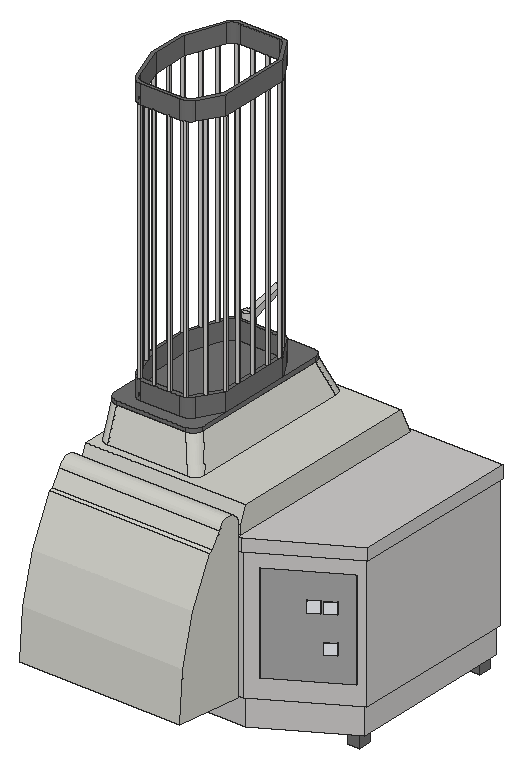
Revit family "QF_ELECTROLUXPROFESSIONAL_603265_CPXF215", category Specialty Equipment, Revit 2018
Family settings
  Round Connector Dimension = Use Diameter
  Part Type = Normal
  Work Plane-Based = No
  Always vertical = Yes
  Cut with Voids When Loaded = No
  Shared = No
  Room Calculation Point = No
Parameters (values of type "QF_ELECTROLUX_603265_CPXF215")
  Weight = 31.00 kg
  Watts = 0 W
  Volts = 220 V
  URL Manufacturer = "http://professional.electrolux.com"
  URL = "http://professional.electrolux.com"
  Steam Supply Size = 0 mm
  Steam Supply Minimum Pressure = 0.0 Pa
  Steam Supply Maximum Pressure = 0.0 Pa
  Steam Pounds per Hour = 0
  Refrigeration Suction Line Size = 0 mm
  Refrigeration Liquid Line Size = 0 mm
  Refrigerant Compressor Remote = yes
  Manufacturer = "Electrolux"
  Phase = 1
  Model = "CPXF215"
  Length Actual = 472 mm  # constant formula
  Item Number = "603265"
  Hot Water Size = 0 mm
  Height Actual = 857 mm  # constant formula
  HP = "0.5 HP"
  Gas Size = 0 mm
  Gas KW = 0
  Gas Input Pressure = 0 W
  Direct Waste Size = 0 mm
  Description = "S/S EL.BREAD SLICER-FLAT PANEL-230/1/50"
  Depth Actual = 418 mm  # constant formula
  Cycle = 50 Hz
  Condensate Return Size = 0 mm
  Compressed Air Volume = 0.0 L/s
  Compressed Air Size = 0 mm
  Compressed Air Pressure = 0.0 Pa
  Cold Water Size = 0 mm
  Accessory = yes
Reference planes
  plane 1 "Center (Front/Back)": y = 0
  plane 2: z = 0
  plane 3 "Center (Left/Right)": x = 0
  plane 4 "BASE": z = 20
  plane 5 "TOP": z = 857
  plane 6 "FRONT": y = -236
  plane 7 "BACK": y = 236
  plane 8 "LEFT": x = -209
  plane 9 "RIGHT": x = 209
  plane 10 "AXE1": y = 163.266
  plane 11 "PANEL": through (67.669, -112.828, 4000) normal (-0.5, 0.866, 0)
Forms (mm)
  Extrusion 1, solid, material "QF_Finishes_Rubber Black"
    sketch origin (0, 0, 0) x (1, 0, 0) y (0, 1, 0)
      loop
        line (-197.5, 231) -> (-197.5, 211) -> (-177.5, 211) -> (-177.5, 231) -> (-197.5, 231)
      loop
        line (172.5, 231) -> (172.5, 211) -> (192.5, 211) -> (192.5, 231) -> (172.5, 231)
      loop
        line (-197.5, -13.192) -> (-197.5, -33.192) -> (-177.5, -33.192) -> (-177.5, -13.192) -> (-197.5, -13.192)
      loop
        line (172.5, -13.192) -> (172.5, -33.192) -> (192.5, -33.192) -> (192.5, -13.192) -> (172.5, -13.192)
    from 0 to 20
  Extrusion 2, solid, material "QF_Finishes_Stainless Steel"
    sketch origin (0, 0, 20) x (-1, 0, 0) y (0, -1, 0)
      loop
        line (-209, 37.005) -> (-209, -236) -> (209, -236) -> (209, 117.828) -> (-69.009, 117.828) -> (-209, 37.005)
    from 260 to 280
  Extrusion 3, solid, material "QF_Finishes_Stainless Steel"
    sketch origin (0, 0, 20) x (-1, 0, 0) y (0, -1, 0)
      loop
        line (-204, 34.118) -> (-204, -236) -> (204, -236) -> (204, 112.828) -> (-67.669, 112.828) -> (-204, 34.118)
    from 260 to 45
  Extrusion 4, solid, material "QF_Finishes_Stainless Steel"
    sketch origin (0, 0, 20) x (-1, 0, 0) y (0, -1, 0)
      loop
        line (-199, 31.231) -> (-199, -236) -> (199, -236) -> (199, 107.828) -> (-66.33, 107.828) -> (-199, 31.231)
    from 0 to 45
  Extrusion 5, solid, material "QF_Finishes_Beige"
    sketch origin (0, 0, 0) x (0, 1, 0) y (0, 0, 1)
      loop
        arc (-175.362, 300) -> (-222.074, 193.469) -> (-236.13, 78) r 399.649
        line (-236.13, 78) -> (-118.828, 64.929) -> (-118.828, 300) -> (-118.828, 325)
        arc (-118.828, 325) -> (-137.247, 337.622) -> (-155.667, 325) r 19.75
        line (-155.667, 325) -> (-169.613, 302.68) -> (-175.362, 300)
      loop
        line (231, 300) -> (213.628, 339.019) -> (-102.638, 339.019) -> (-111.997, 313.943) -> (-111.997, 300) -> (231, 300)
    from -197.5 to 62.332
  Blend 6, solid, material "QF_Finishes_Beige"
    base sketch origin (0, 0, 20) x (-1, 0, 0) y (0, -1, 0)
      loop
        arc (172.911, -207.788) -> (183.517, -203.394) -> (187.911, -192.788) r 15
        line (187.911, -192.788) -> (187.911, 74.23)
        arc (187.911, 74.23) -> (183.517, 84.836) -> (172.911, 89.23) r 15
        line (172.911, 89.23) -> (42.129, 89.23)
        arc (42.129, 89.23) -> (31.523, 84.836) -> (27.129, 74.23) r 15
        line (27.129, 74.23) -> (27.129, -192.788)
        arc (27.129, -192.788) -> (31.523, -203.394) -> (42.129, -207.788) r 15
        line (42.129, -207.788) -> (172.911, -207.788)
    top sketch origin (0, 0, 20) x (-1, 0, 0) y (0, -1, 0)
      loop
        line (60.638, -189.279) -> (172.911, -189.279)
        arc (172.911, -189.279) -> (183.517, -184.886) -> (187.911, -174.279) r 15
        line (187.911, -174.279) -> (187.911, 55.721)
        arc (187.911, 55.721) -> (183.517, 66.328) -> (172.911, 70.721) r 15
        line (172.911, 70.721) -> (60.638, 70.721)
        arc (60.638, 70.721) -> (50.031, 66.328) -> (45.638, 55.721) r 15
        line (45.638, 55.721) -> (45.638, -174.279)
        arc (45.638, -174.279) -> (50.031, -184.886) -> (60.638, -189.279) r 15
    from 319.019 to 368.956
  Extrusion 7, solid, material "QF_Finishes_Rubber Black"
    sketch origin (0, 0, 20) x (-1, 0, 0) y (0, -1, 0)
      loop
        arc (45.638, -174.279) -> (50.031, -184.886) -> (60.638, -189.279) r 15
        line (60.638, -189.279) -> (172.911, -189.279)
        arc (172.911, -189.279) -> (183.517, -184.886) -> (187.911, -174.279) r 15
        line (187.911, -174.279) -> (187.911, 55.721)
        arc (187.911, 55.721) -> (183.517, 66.328) -> (172.911, 70.721) r 15
        line (172.911, 70.721) -> (60.638, 70.721)
        arc (60.638, 70.721) -> (50.031, 66.328) -> (45.638, 55.721) r 15
        line (45.638, 55.721) -> (45.638, -174.279)
    from 368.956 to 375
  Extrusion 8, solid, material "QF_Finishes_Rubber Black"
    sketch origin (0, 0, 20) x (-1, 0, 0) y (0, -1, 0)
      loop
        line (187.911, -20) -> (166.282, 39.425)
        arc (166.282, 39.425) -> (158.959, 48.968) -> (147.488, 52.584) r 20
        line (147.488, 52.584) -> (83.992, 52.584)
        arc (83.992, 52.584) -> (74.144, 49.992) -> (66.849, 42.885) r 20
        line (66.849, 42.885) -> (45.638, 7.584) -> (45.638, -107.584) -> (66.849, -142.885)
        arc (66.849, -142.885) -> (74.144, -149.992) -> (83.992, -152.584) r 20
        line (83.992, -152.584) -> (147.488, -152.584)
        arc (147.488, -152.584) -> (158.959, -148.968) -> (166.282, -139.425) r 20
        line (166.282, -139.425) -> (187.911, -80) -> (187.911, -20)
      loop
        line (182.911, -79.118) -> (182.911, -20.882) -> (161.583, 37.715)
        arc (161.583, 37.715) -> (156.092, 44.872) -> (147.488, 47.584) r 15
        line (147.488, 47.584) -> (83.992, 47.584)
        arc (83.992, 47.584) -> (76.606, 45.64) -> (71.135, 40.31) r 15
        line (71.135, 40.31) -> (50.638, 6.198) -> (50.638, -106.198) -> (71.135, -140.31)
        arc (71.135, -140.31) -> (76.606, -145.64) -> (83.992, -147.584) r 15
        line (83.992, -147.584) -> (147.488, -147.584)
        arc (147.488, -147.584) -> (156.092, -144.872) -> (161.583, -137.715) r 15
        line (161.583, -137.715) -> (182.911, -79.118)
    from 375 to 405
  Extrusion 9, solid, material "QF_Finishes_Rubber Black"
    sketch origin (0, 0, 20) x (-1, 0, 0) y (0, -1, 0)
      loop
        line (187.911, -20) -> (166.282, 39.425)
        arc (166.282, 39.425) -> (158.959, 48.968) -> (147.488, 52.584) r 20
        line (147.488, 52.584) -> (83.992, 52.584)
        arc (83.992, 52.584) -> (74.144, 49.992) -> (66.849, 42.885) r 20
        line (66.849, 42.885) -> (45.638, 7.584) -> (45.638, -107.584) -> (66.849, -142.885)
        arc (66.849, -142.885) -> (74.144, -149.992) -> (83.992, -152.584) r 20
        line (83.992, -152.584) -> (147.488, -152.584)
        arc (147.488, -152.584) -> (158.959, -148.968) -> (166.282, -139.425) r 20
        line (166.282, -139.425) -> (187.911, -80) -> (187.911, -20)
      loop
        line (182.911, -79.118) -> (182.911, -20.882) -> (161.583, 37.715)
        arc (161.583, 37.715) -> (156.092, 44.872) -> (147.488, 47.584) r 15
        line (147.488, 47.584) -> (83.992, 47.584)
        arc (83.992, 47.584) -> (76.606, 45.64) -> (71.135, 40.31) r 15
        line (71.135, 40.31) -> (50.638, 6.198) -> (50.638, -106.198) -> (71.135, -140.31)
        arc (71.135, -140.31) -> (76.606, -145.64) -> (83.992, -147.584) r 15
        line (83.992, -147.584) -> (147.488, -147.584)
        arc (147.488, -147.584) -> (156.092, -144.872) -> (161.583, -137.715) r 15
        line (161.583, -137.715) -> (182.911, -79.118)
    from 807 to 837
  Extrusion 10, solid, material "QF_Finishes_Stainless Steel"
    sketch origin (0, 0, 20) x (-1, 0, 0) y (0, -1, 0)
      loop
        circle (128.24, 50.084) r 2.5
      loop
        circle (103.24, 50.084) r 2.5
      loop
        circle (153.24, 49.119) r 2.5
      loop
        circle (167.576, 28.56) r 2.5
      loop
        circle (176.17, 4.948) r 2.5
      loop
        circle (185.411, -20.441) r 2.5
      loop
        circle (185.411, -50) r 2.5
      loop
        circle (128.24, -150.084) r 2.5
      loop
        circle (103.24, -150.084) r 2.5
      loop
        circle (153.24, -149.119) r 2.5
      loop
        circle (167.576, -128.56) r 2.5
      loop
        circle (176.17, -104.948) r 2.5
      loop
        circle (185.411, -79.559) r 2.5
      loop
        circle (78.24, 49.119) r 2.5
      loop
        circle (61.158, 28.56) r 2.5
      loop
        circle (48.138, 4.948) r 2.5
      loop
        circle (48.138, -20.441) r 2.5
      loop
        circle (48.138, -50) r 2.5
      loop
        circle (78.24, -149.119) r 2.5
      loop
        circle (63.904, -128.56) r 2.5
      loop
        circle (48.138, -79.559) r 2.5
      loop
        circle (48.138, -104.948) r 2.5
    from 405 to 807
  Revolve 11, solid, material "QF_Finishes_Stainless Steel"
    sketch origin (0, 163.266, 0) x (0, 0, 1) y (-1, 0, 0)
      loop
        line (394.097, 140.612) -> (406.308, 140.612) -> (406.308, 136.396) -> (419.625, 136.396) -> (419.625, 139.824) -> (431.082, 139.824) -> (431.082, 147.363) -> (394.097, 147.363) -> (394.097, 140.612)
      axis (394.097, 147.363) -> (431.082, 147.363)
    angle from 0 to 360
  Extrusion 12, solid, material "QF_Finishes_Stainless Steel"
    sketch origin (-147.469, 310.735, 0) x (0, 0, 1) y (0, -1, 0)
      loop
        line (416.502, 139.891) -> (435.857, 83.427) -> (442.427, 83.427) -> (427.85, 141.892) -> (416.502, 139.891)
    from -5 to 5
  Extrusion 13, solid, material "QF_Finishes_Stainless Steel"
    sketch origin (0, 0, 0) x (0, 1, 0) y (0, 0, 1)
      loop
        line (159.675, 361.997) -> (178.912, 355.374) -> (191.155, 371.622) -> (179.486, 388.287) -> (160.03, 382.339) -> (159.675, 361.997)
    from -206.367 to -194.326
  Extrusion 14, solid, material "QF_Finishes_Stainless Steel"
    sketch origin (0, 0, 0) x (0, 1, 0) y (0, 0, 1)
      loop
        circle (173.748, 371.622) r 10
    from -187.911 to -194.326
  Extrusion 15, solid, material "QF_Finishes_Stainless Steel"
    sketch origin (0, 236, 0) x (-1, 0, 0) y (0, 0, 1)
      loop
        circle (-108.903, 109.145) r 5
    from 0 to 3.968
  Extrusion 16, void
    sketch origin (65.773, -113.923, 0) x (-0.866025, -0.5, 0) y (0, 0, 1)
      loop
        line (-22.15, 255.818) -> (-147.15, 255.818) -> (-147.15, 95.818) -> (-22.15, 95.818) -> (-22.15, 255.818)
    from 23.872 to -9.596
  Extrusion 17, solid, material "QF_Finishes_Gray"
    sketch origin (65.773, -113.923, 0) x (-0.866025, -0.5, 0) y (0, 0, 1)
      loop
        line (-22.15, 255.818) -> (-147.15, 255.818) -> (-147.15, 95.818) -> (-22.15, 95.818) -> (-22.15, 255.818)
    from 5 to 0
  Extrusion 18, solid, material "QF_Finishes_White"
    sketch origin (65.773, -113.923, 0) x (-0.866025, -0.5, 0) y (0, 0, 1)
      loop
        line (-82.874, 214.795) -> (-100.874, 214.795) -> (-100.874, 196.844) -> (-82.874, 196.844) -> (-82.874, 214.795)
      loop
        line (-104.938, 214.795) -> (-122.938, 214.795) -> (-122.938, 196.844) -> (-104.938, 196.844) -> (-104.938, 214.795)
      loop
        line (-104.938, 154.795) -> (-122.938, 154.795) -> (-122.938, 136.844) -> (-104.938, 136.844) -> (-104.938, 154.795)
    from -2 to 0
Cuts and joins
  Extrusion 16 cuts Extrusion 3
Lines and regions (mm)
  symbolic lines
    curve 1: line (209, 236, 20) -> (-209, 236, 20)
    curve 2: line (-209, 236, 20) -> (-209, -117.828, 20)
    curve 3: line (-197.5, 231, 20) -> (62.332, 231, 20)
    curve 4: line (62.332, 213.628, 20) -> (-142.469, 213.628, 20)
    curve 5: line (-172.911, 207.788, 20) -> (-152.911, 207.788, 20)
    curve 6: line (-60.638, 189.279, 20) -> (-142.911, 189.279, 20)
    curve 7: arc (-172.911, 189.279, 20) -> (-183.517, 184.886, 20) -> (-187.911, 174.279, 20) r 15
    curve 8: arc (-187.911, 192.788, 20) -> (-183.517, 203.394, 20) -> (-172.911, 207.788, 20) r 15
    curve 9: line (-187.911, 174.279, 20) -> (-187.911, -55.721, 20)
    curve 10: line (-187.911, 192.788, 20) -> (-187.911, -55.721, 20)
    curve 11: line (-152.911, 189.279, 20) -> (-172.911, 189.279, 20)
    curve 12: line (-142.911, 207.788, 20) -> (-42.129, 207.788, 20)
    curve 13: arc (-152.469, 172.972, 20) -> (-147.245, 152.3, 20) -> (-142.469, 173.08, 20) r 10.967
    curve 14: arc (-154.903, 163.266, 20) -> (-147.363, 155.727, 20) -> (-139.824, 163.266, 20) r 7.54
    curve 15: arc (-139.824, 163.266, 20) -> (-147.363, 170.806, 20) -> (-154.903, 163.266, 20) r 7.54
    curve 16: arc (-45.638, 174.279, 20) -> (-50.031, 184.886, 20) -> (-60.638, 189.279, 20) r 15
    curve 17: arc (-42.129, 207.788, 20) -> (-31.523, 203.394, 20) -> (-27.129, 192.788, 20) r 15
    curve 18: line (-27.129, 192.788, 20) -> (-27.129, -74.23, 20)
    curve 19: line (-45.638, -55.721, 20) -> (-45.638, 174.279, 20)
    curve 20: line (-45.638, 107.584, 20) -> (-66.849, 142.885, 20)
    curve 21: arc (-66.849, 142.885, 20) -> (-74.144, 149.992, 20) -> (-83.992, 152.584, 20) r 20
    curve 22: line (-83.992, 152.584, 20) -> (-147.488, 152.584, 20)
    curve 23: arc (-147.488, 152.584, 20) -> (-158.959, 148.968, 20) -> (-166.282, 139.425, 20) r 20
    curve 24: arc (-161.583, 137.715, 20) -> (-156.092, 144.872, 20) -> (-147.488, 147.584, 20) r 15
    curve 25: line (-147.488, 147.584, 20) -> (-83.992, 147.584, 20)
    curve 26: arc (-83.992, 147.584, 20) -> (-76.606, 145.64, 20) -> (-71.135, 140.31, 20) r 15
    curve 27: line (-71.135, 140.31, 20) -> (-50.638, 106.198, 20)
    curve 28: line (-182.911, 79.118, 20) -> (-161.583, 137.715, 20)
    curve 29: line (-166.282, 139.425, 20) -> (-187.911, 80, 20)
    curve 30: line (-182.911, 20.882, 20) -> (-182.911, 79.118, 20)
    curve 31: line (-187.911, 20, 20) -> (-166.282, -39.425, 20)
    curve 32: line (-161.583, -37.715, 20) -> (-182.911, 20.882, 20)
    curve 33: arc (-166.282, -39.425, 20) -> (-158.959, -48.968, 20) -> (-147.488, -52.584, 20) r 20
    curve 34: arc (-147.488, -47.584, 20) -> (-156.092, -44.872, 20) -> (-161.583, -37.715, 20) r 15
    curve 35: line (-83.992, -47.584, 20) -> (-147.488, -47.584, 20)
    curve 36: line (-147.488, -52.584, 20) -> (-83.992, -52.584, 20)
    curve 37: arc (-83.992, -52.584, 20) -> (-74.144, -49.992, 20) -> (-66.849, -42.885, 20) r 20
    curve 38: line (-66.849, -42.885, 20) -> (-45.638, -7.584, 20)
    curve 39: arc (-71.135, -40.31, 20) -> (-76.606, -45.64, 20) -> (-83.992, -47.584, 20) r 15
    curve 40: line (-50.638, -6.198, 20) -> (-71.135, -40.31, 20)
    curve 41: line (-50.638, 106.198, 20) -> (-50.638, -6.198, 20)
    curve 42: arc (-187.911, -55.721, 20) -> (-183.517, -66.328, 20) -> (-172.911, -70.721, 20) r 15
    curve 43: line (-172.911, -70.721, 20) -> (-60.638, -70.721, 20)
    curve 44: arc (-60.638, -70.721, 20) -> (-50.031, -66.328, 20) -> (-45.638, -55.721, 20) r 15
    curve 45: arc (-27.129, -74.23, 20) -> (-31.523, -84.836, 20) -> (-42.129, -89.23, 20) r 15
    curve 46: line (-42.129, -89.23, 20) -> (-172.911, -89.23, 20)
    curve 47: line (-197.5, 231, 20) -> (-197.5, -236, 20)
    curve 48: line (-197.5, -102.638, 20) -> (62.332, -102.638, 20)
    curve 49: line (-197.5, -111.997, 20) -> (62.332, -111.997, 20)
    curve 50: line (-197.5, -155.667, 20) -> (62.332, -155.667, 20)
    curve 51: line (-197.5, -169.613, 20) -> (62.332, -169.613, 20)
    curve 52: line (-197.5, -175.362, 20) -> (62.332, -175.362, 20)
    curve 53: line (62.332, -236, 20) -> (-197.5, -236, 20)
    curve 54: line (62.332, -236, 20) -> (62.332, 231, 20)
    curve 55: line (-209, -117.828, 20) -> (69.009, -117.828, 20)
    curve 56: line (69.009, -117.828, 20) -> (209, -37.005, 20)
    curve 57: line (209, -37.005, 20) -> (209, 236, 20)
    curve 58: line (-194.326, 159.675, 20) -> (-194.326, 191.155, 20)
    curve 59: line (-206.367, 191.155, 20) -> (-206.367, 159.675, 20)
    curve 60: line (-206.367, 179.486, 20) -> (-194.326, 179.486, 20)
    curve 61: line (-206.367, 159.675, 20) -> (-194.326, 159.675, 20)
    curve 62: line (-206.367, 191.155, 20) -> (-194.326, 191.155, 20)
    curve 63: line (-194.326, 183.764, 20) -> (-187.911, 183.764, 20)
    curve 64: line (-194.326, 163.749, 20) -> (-187.911, 163.749, 20)
    curve 65: line (103.892, 236, 20) -> (103.892, 239.968, 20)
    curve 66: line (103.892, 239.968, 20) -> (113.903, 239.968, 20)
    curve 67: line (113.903, 239.968, 20) -> (113.903, 236, 20)
    curve 68: line (-152.469, 227.308, 20) -> (-152.469, 168.815, 20)
    curve 69: line (-142.469, 169.001, 20) -> (-142.469, 227.308, 20)
    curve 70: line (-142.469, 227.308, 20) -> (-152.469, 227.308, 20)
    curve 71: line (-152.469, 213.628, 20) -> (-197.5, 213.628, 20)
Dimensions and locks
  plane 4 "BASE" to level = 20 mm
  plane 5 "TOP" to level = 857 mm  (x2)
  equal spacing: plane 8 "LEFT", plane 3 "Center (Left/Right)", plane 9 "RIGHT"
  plane 7 "BACK" to plane 1 "Center (Front/Back)" to plane 6 "FRONT" = 236 mm locked, 236 mm
  plane 7 "BACK" to plane 6 "FRONT" = 472 mm
  plane 8 "LEFT" to plane 9 "RIGHT" = 418 mm
  Extrusion 5 to level = 78 mm
  Extrusion 15 to level = 109.145 mm
  aligned and locked: level to plane 2
Automatic sketch dimensions
  Extrusion 1 sketch curve to plane 7 "BACK" = 5 mm  (x2)
  plane 8 "LEFT" to Extrusion 1 sketch curve = 11.5 mm  (x2)
  Extrusion 1 sketch curve to Extrusion 1 sketch curve = 20 mm  (x6)
  plane 9 "RIGHT" to Extrusion 1 sketch curve = 36.5 mm  (x2)
  plane 9 "RIGHT" to Extrusion 1 sketch curve = 16.5 mm  (x2)
  plane 1 "Center (Front/Back)" to Extrusion 1 sketch curve = 13.192 mm  (x2)
  Extrusion 2 sketch curve to plane 9 "RIGHT" = 0 mm
  Extrusion 2 sketch curve to plane 8 "LEFT" = 0 mm
  Extrusion 2 sketch curve to plane 7 "BACK" = 0 mm
  plane 3 "Center (Left/Right)" to Extrusion 2 sketch curve = 69.009 mm
  plane 1 "Center (Front/Back)" to Extrusion 2 sketch curve = 37.005 mm
  plane 1 "Center (Front/Back)" to Extrusion 2 sketch curve = 117.828 mm
  Extrusion 3 sketch curve to plane 11 "PANEL" = 0 mm  (x2)
  Extrusion 3 sketch curve to plane 7 "BACK" = 0 mm
  plane 9 "RIGHT" to Extrusion 3 sketch curve = 5 mm
  plane 3 "Center (Left/Right)" to Extrusion 3 sketch curve = 67.669 mm
  plane 8 "LEFT" to Extrusion 3 sketch curve = 5 mm
  Extrusion 4 sketch curve to plane 7 "BACK" = 0 mm
  plane 9 "RIGHT" to Extrusion 4 sketch curve = 10 mm
  plane 3 "Center (Left/Right)" to Extrusion 4 sketch curve = 66.33 mm
  plane 8 "LEFT" to Extrusion 4 sketch curve = 10 mm
  plane 1 "Center (Front/Back)" to Extrusion 4 sketch curve = 31.231 mm
  plane 1 "Center (Front/Back)" to Extrusion 4 sketch curve = 107.828 mm
  Extrusion 5 sketch curve to plane 6 "FRONT" = 0.13 mm
  plane 6 "FRONT" to Extrusion 5 sketch curve = 60.638 mm
  Extrusion 5 sketch curve to Extrusion 5 sketch curve = 5.748 mm
  Extrusion 5 sketch curve to Extrusion 5 sketch curve = 13.947 mm
  Extrusion 5 sketch curve to Extrusion 5 sketch curve = 18.419 mm  (x2)
  Extrusion 5 sketch curve to Extrusion 5 sketch curve = 6.831 mm
  Extrusion 5 sketch curve to Extrusion 5 sketch curve = 16.19 mm
  Extrusion 5 sketch curve to plane 10 "AXE1" = 0.128 mm
  Extrusion 5 sketch curve to plane 7 "BACK" = 22.372 mm
  Extrusion 5 sketch curve to plane 7 "BACK" = 5 mm
  plane 4 "BASE" to Extrusion 5 sketch curve = 44.929 mm
  plane 4 "BASE" to Extrusion 5 sketch curve = 58 mm
  plane 4 "BASE" to Extrusion 5 sketch curve = 67.954 mm
  Extrusion 5 sketch curve to Extrusion 5 sketch curve = 0 mm  (x2)
  Extrusion 5 sketch curve to Extrusion 5 sketch curve = 2.68 mm
  Extrusion 5 sketch curve to Extrusion 5 sketch curve = 13.943 mm
  Extrusion 5 sketch curve to Extrusion 5 sketch curve = 3.928 mm
  Extrusion 5 sketch curve to Extrusion 5 sketch curve = 7.128 mm
  Extrusion 5 sketch curve to Extrusion 5 sketch curve = 14.019 mm
  Blend 6 sketch curve to plane 3 "Center (Left/Right)" = 27.129 mm
  Blend 6 sketch curve to Blend 6 sketch curve = 15 mm  (x6)
  plane 8 "LEFT" to Blend 6 sketch curve = 36.089 mm  (x4)
  Blend 6 sketch curve to plane 7 "BACK" = 28.212 mm
  plane 1 "Center (Front/Back)" to Blend 6 sketch curve = 74.23 mm
  Blend 6 sketch curve to plane 3 "Center (Left/Right)" = 45.638 mm
  Blend 6 sketch curve to plane 10 "AXE1" = 11.013 mm
  plane 1 "Center (Front/Back)" to Blend 6 sketch curve = 55.721 mm
  Extrusion 7 sketch curve to plane 3 "Center (Left/Right)" = 45.638 mm
  Extrusion 7 sketch curve to Extrusion 7 sketch curve = 15 mm  (x3)
  plane 8 "LEFT" to Extrusion 7 sketch curve = 36.089 mm  (x2)
  Extrusion 7 sketch curve to plane 10 "AXE1" = 11.013 mm
  plane 1 "Center (Front/Back)" to Extrusion 7 sketch curve = 55.721 mm
  Extrusion 8 sketch curve to Extrusion 8 sketch curve = 0 mm  (x8)
  plane 1 "Center (Front/Back)" to Extrusion 8 sketch curve = 7.584 mm
  Extrusion 8 sketch curve to plane 3 "Center (Left/Right)" = 45.638 mm
  Extrusion 8 sketch curve to Extrusion 8 sketch curve = 5 mm  (x2)
  plane 10 "AXE1" to Extrusion 8 sketch curve = 20.381 mm
  Extrusion 8 sketch curve to Extrusion 8 sketch curve = 16.211 mm  (x2)
  Extrusion 8 sketch curve to Extrusion 8 sketch curve = 4.286 mm  (x2)
  Extrusion 8 sketch curve to Extrusion 8 sketch curve = 12.858 mm  (x2)
  plane 10 "AXE1" to Extrusion 8 sketch curve = 15.682 mm
  plane 8 "LEFT" to Extrusion 8 sketch curve = 61.512 mm  (x2)
  plane 1 "Center (Front/Back)" to Extrusion 8 sketch curve = 32.584 mm  (x2)
  plane 10 "AXE1" to Extrusion 8 sketch curve = 25.552 mm
  Extrusion 8 sketch curve to Extrusion 8 sketch curve = 14.095 mm  (x2)
  Extrusion 8 sketch curve to Extrusion 8 sketch curve = 4.698 mm  (x2)
  plane 10 "AXE1" to Extrusion 8 sketch curve = 23.841 mm
  plane 8 "LEFT" to Extrusion 8 sketch curve = 26.089 mm
  Extrusion 8 sketch curve to Extrusion 8 sketch curve = 35.301 mm
  Extrusion 8 sketch curve to Extrusion 8 sketch curve = 1.387 mm  (x2)
  Extrusion 8 sketch curve to Extrusion 8 sketch curve = 59.425 mm
  Extrusion 8 sketch curve to Extrusion 8 sketch curve = 0.882 mm  (x2)
  Extrusion 8 sketch curve to plane 1 "Center (Front/Back)" = 20.882 mm
  Extrusion 8 sketch curve to Extrusion 8 sketch curve = 5.13 mm
  Extrusion 8 sketch curve to Extrusion 8 sketch curve = 1.71 mm
  Extrusion 9 sketch curve to Extrusion 9 sketch curve = 0 mm  (x8)
  plane 1 "Center (Front/Back)" to Extrusion 9 sketch curve = 7.584 mm
  Extrusion 9 sketch curve to plane 3 "Center (Left/Right)" = 45.638 mm
  Extrusion 9 sketch curve to Extrusion 9 sketch curve = 5 mm  (x2)
  plane 10 "AXE1" to Extrusion 9 sketch curve = 20.381 mm
  Extrusion 9 sketch curve to Extrusion 9 sketch curve = 16.211 mm  (x2)
  Extrusion 9 sketch curve to Extrusion 9 sketch curve = 4.286 mm  (x2)
  Extrusion 9 sketch curve to Extrusion 9 sketch curve = 12.858 mm  (x2)
  plane 10 "AXE1" to Extrusion 9 sketch curve = 15.682 mm
  plane 8 "LEFT" to Extrusion 9 sketch curve = 61.512 mm  (x2)
  plane 1 "Center (Front/Back)" to Extrusion 9 sketch curve = 32.584 mm  (x2)
  plane 10 "AXE1" to Extrusion 9 sketch curve = 25.552 mm
  Extrusion 9 sketch curve to Extrusion 9 sketch curve = 14.095 mm  (x2)
  Extrusion 9 sketch curve to Extrusion 9 sketch curve = 4.698 mm  (x2)
  plane 10 "AXE1" to Extrusion 9 sketch curve = 23.841 mm
  plane 8 "LEFT" to Extrusion 9 sketch curve = 26.089 mm
  Extrusion 9 sketch curve to Extrusion 9 sketch curve = 35.301 mm
  Extrusion 9 sketch curve to Extrusion 9 sketch curve = 1.387 mm  (x2)
  Extrusion 9 sketch curve to Extrusion 9 sketch curve = 59.425 mm
  Extrusion 9 sketch curve to Extrusion 9 sketch curve = 0.882 mm  (x2)
  Extrusion 9 sketch curve to plane 1 "Center (Front/Back)" = 20.882 mm
  Extrusion 9 sketch curve to Extrusion 9 sketch curve = 5.13 mm
  Extrusion 9 sketch curve to Extrusion 9 sketch curve = 1.71 mm
  Extrusion 10 sketch curve to plane 3 "Center (Left/Right)" = 48.138 mm  (x2)
  plane 1 "Center (Front/Back)" to Extrusion 10 sketch curve = 4.948 mm  (x2)
  Extrusion 10 sketch curve to Extrusion 10 sketch curve = 0 mm  (x4)
  Extrusion 10 sketch curve to Extrusion 10 sketch curve = 13.02 mm
  Extrusion 10 sketch curve to Extrusion 10 sketch curve = 15.766 mm
  Extrusion 10 sketch curve to Extrusion 10 sketch curve = 17.082 mm
  Extrusion 10 sketch curve to Extrusion 10 sketch curve = 14.336 mm  (x3)
  Extrusion 10 sketch curve to Extrusion 10 sketch curve = 25 mm  (x6)
  Extrusion 10 sketch curve to Extrusion 10 sketch curve = 8.594 mm  (x2)
  plane 8 "LEFT" to Extrusion 10 sketch curve = 23.589 mm  (x3)
  Extrusion 10 sketch curve to plane 1 "Center (Front/Back)" = 20.441 mm  (x2)
  Extrusion 10 sketch curve to Extrusion 10 sketch curve = 29.559 mm  (x4)
  Extrusion 10 sketch curve to Extrusion 10 sketch curve = 25.389 mm  (x2)
  Extrusion 10 sketch curve to Extrusion 10 sketch curve = 23.611 mm  (x4)
  plane 10 "AXE1" to Extrusion 10 sketch curve = 14.148 mm  (x2)
  plane 10 "AXE1" to Extrusion 10 sketch curve = 13.182 mm  (x2)
  Extrusion 10 sketch curve to Extrusion 10 sketch curve = 20.559 mm  (x2)
  Extrusion 10 sketch curve to Extrusion 10 sketch curve = 0.966 mm
  plane 8 "LEFT" to Revolve 11 sketch curve = 61.637 mm
  plane 4 "BASE" to Revolve 11 sketch curve = 374.097 mm
  Revolve 11 sketch curve to Revolve 11 sketch curve = 12.211 mm
  Revolve 11 sketch curve to Revolve 11 sketch curve = 13.317 mm
  Revolve 11 sketch curve to Revolve 11 sketch curve = 11.457 mm
  Revolve 11 sketch curve to Revolve 11 sketch curve = 6.751 mm  (x2)
  Revolve 11 sketch curve to Revolve 11 sketch curve = 7.54 mm
  Revolve 11 sketch curve to Revolve 11 sketch curve = 3.427 mm
  Revolve 11 sketch curve to Revolve 11 sketch curve = 6.281 mm
  Revolve 11 sketch curve to Revolve 11 sketch curve = 46.508 mm
  Extrusion 12 sketch curve to plane 10 "AXE1" = 7.577 mm
  plane 4 "BASE" to Extrusion 12 sketch curve = 396.502 mm
  Extrusion 12 sketch curve to plane 10 "AXE1" = 5.576 mm
  Extrusion 12 sketch curve to Extrusion 12 sketch curve = 11.348 mm
  Extrusion 12 sketch curve to plane 7 "BACK" = 8.692 mm
  Extrusion 12 sketch curve to Extrusion 12 sketch curve = 8.007 mm
  Extrusion 12 sketch curve to Extrusion 12 sketch curve = 6.57 mm
  Extrusion 14 sketch curve to plane 10 "AXE1" = 10.481 mm
  plane 4 "BASE" to Extrusion 14 sketch curve = 351.622 mm
  plane 9 "RIGHT" to Extrusion 15 sketch curve = 100.097 mm
  plane 4 "BASE" to Extrusion 15 sketch curve = 89.145 mm
  curve 13 to curve 14 = 0 mm  (x2)
  curve 13 to curve 15 = 0 mm  (x2)
  curve 14 to curve 15 = 0 mm  (x2)
  curve 21 to curve 26 = 0 mm  (x2)
  curve 23 to curve 24 = 0 mm  (x2)
  curve 33 to curve 34 = 0 mm  (x2)
  curve 37 to curve 39 = 0 mm  (x2)
  curve 56 to plane 9 "RIGHT" = 0 mm
  curve 67 to plane 7 "BACK" = 0 mm
  curve 53 to plane 6 "FRONT" = 0 mm
  plane 10 "AXE1" to curve 15 = 0 mm
  curve 2 to plane 8 "LEFT" = 0 mm
  plane 7 "BACK" to curve 67 = 3.968 mm
  plane 9 "RIGHT" to curve 67 = 95.097 mm
  curve 66 to curve 65 = 10.011 mm
  plane 3 "Center (Left/Right)" to curve 56 = 69.009 mm
  plane 3 "Center (Left/Right)" to curve 53 = 62.332 mm
  curve 18 to plane 3 "Center (Left/Right)" = 27.129 mm
  curve 18 to curve 12 = 15 mm
  curve 18 to curve 45 = 15 mm
  curve 17 to curve 19 = 3.509 mm
  curve 20 to curve 41 = 5 mm
  curve 44 to curve 44 = 15 mm
  curve 19 to curve 16 = 15 mm
  curve 44 to curve 38 = 6.211 mm
  plane 10 "AXE1" to curve 20 = 20.381 mm
  curve 16 to curve 20 = 6.211 mm
  plane 10 "AXE1" to curve 27 = 22.956 mm
  curve 20 to curve 27 = 4.286 mm
  curve 38 to curve 40 = 4.286 mm
  curve 40 to curve 37 = 12.858 mm
  curve 27 to curve 25 = 12.858 mm
  curve 70 to plane 7 "BACK" = 8.692 mm
  plane 8 "LEFT" to curve 70 = 66.531 mm
  curve 69 to curve 14 = 4.895 mm
  plane 1 "Center (Front/Back)" to curve 33 = 32.584 mm
  plane 8 "LEFT" to curve 33 = 61.512 mm
  curve 13 to curve 22 = 0.125 mm
  curve 69 to curve 68 = 10 mm
  plane 10 "AXE1" to curve 28 = 25.552 mm
  curve 23 to curve 28 = 14.095 mm
  curve 33 to curve 32 = 14.095 mm
  plane 10 "AXE1" to curve 29 = 23.841 mm
  curve 32 to curve 31 = 4.698 mm
  curve 71 to curve 5 = 20.442 mm
  curve 31 to curve 42 = 6.629 mm
  curve 11 to curve 8 = 0 mm
  plane 8 "LEFT" to curve 32 = 26.089 mm
  curve 9 to plane 10 "AXE1" = 11.013 mm
  curve 7 to curve 9 = 15 mm
  plane 10 "AXE1" to curve 58 = 3.591 mm
  curve 64 to curve 58 = 6.416 mm
  curve 3 to plane 7 "BACK" = 5 mm
  plane 8 "LEFT" to curve 3 = 11.5 mm
  plane 8 "LEFT" to curve 61 = 2.633 mm
  curve 5 to curve 7 = 18.509 mm
  curve 12 to plane 7 "BACK" = 28.212 mm
  curve 10 to curve 58 = 1.632 mm
  curve 17 to curve 6 = 3.509 mm
  plane 10 "AXE1" to curve 22 = 10.682 mm
  curve 27 to curve 27 = 34.112 mm
  curve 28 to curve 28 = 58.596 mm
  curve 32 to plane 1 "Center (Front/Back)" = 20.882 mm
  plane 1 "Center (Front/Back)" to curve 41 = 6.198 mm
  plane 1 "Center (Front/Back)" to curve 37 = 32.584 mm
  plane 1 "Center (Front/Back)" to curve 57 = 37.005 mm
  curve 33 to curve 32 = 5.13 mm
  curve 32 to curve 31 = 1.71 mm
  curve 31 to curve 9 = 16.296 mm
  curve 19 to curve 18 = 18.509 mm
  curve 45 to curve 56 = 43.599 mm
  curve 15 to curve 69 = 2.645 mm
  curve 4 to curve 12 = 0.442 mm
  curve 13 to curve 6 = 0.442 mm
  curve 6 to curve 11 = 10 mm
  curve 71 to curve 5 = 0.442 mm
  curve 46 to curve 43 = 0 mm
  curve 71 to curve 5 = 5.84 mm
  curve 3 to curve 4 = 17.372 mm
  curve 58 to curve 63 = 7.391 mm
  curve 59 to curve 60 = 11.669 mm
  curve 13 to curve 69 = 4.079 mm
  curve 64 to plane 10 "AXE1" = 0.483 mm
  curve 20 to curve 27 = 1.387 mm
  curve 29 to curve 28 = 0.882 mm
  curve 30 to curve 31 = 0.882 mm
  curve 40 to curve 38 = 1.387 mm
  curve 48 to curve 2 = 15.19 mm
  curve 48 to curve 49 = 9.359 mm
  curve 55 to curve 50 = 37.838 mm
  curve 50 to curve 51 = 13.947 mm
  curve 51 to curve 52 = 5.748 mm
  plane 4 "BASE" to Extrusion 16 sketch curve = 235.818 mm
  Extrusion 16 sketch curve to Extrusion 16 sketch curve = 125 mm
  plane 4 "BASE" to Extrusion 16 sketch curve = 75.818 mm
  plane 4 "BASE" to Extrusion 17 sketch curve = 235.818 mm
  Extrusion 17 sketch curve to Extrusion 17 sketch curve = 125 mm
  plane 4 "BASE" to Extrusion 17 sketch curve = 75.818 mm
  plane 4 "BASE" to Extrusion 18 sketch curve = 176.844 mm
  Extrusion 18 sketch curve to Extrusion 18 sketch curve = 0 mm  (x3)
  Extrusion 18 sketch curve to Extrusion 18 sketch curve = 18 mm  (x3)
  Extrusion 18 sketch curve to Extrusion 18 sketch curve = 4.065 mm
  Extrusion 18 sketch curve to Extrusion 18 sketch curve = 42.049 mm
  Extrusion 18 sketch curve to Extrusion 18 sketch curve = 17.951 mm  (x2)
  radius of Extrusion 10 sketch curve = 2.5 mm  (x22)
  radius of Extrusion 14 sketch curve = 10 mm
  radius of Extrusion 15 sketch curve = 5 mm
Connectors
  electrical at (108.903, 239.968, 109.145), driven by "Volts"
    settings: on Extrusion 15, index 1, voltage 220 V, apparent load 0 VA, apparent load phase1 0 VA, apparent load phase2 0 VA, apparent load phase3 0 VA, power factor 1, load classification "Other", number of poles 1, system type 30, power factor state 1, is connector primary yes, connector utility no, sub classification motor no, connector description "Electrical Connection"
